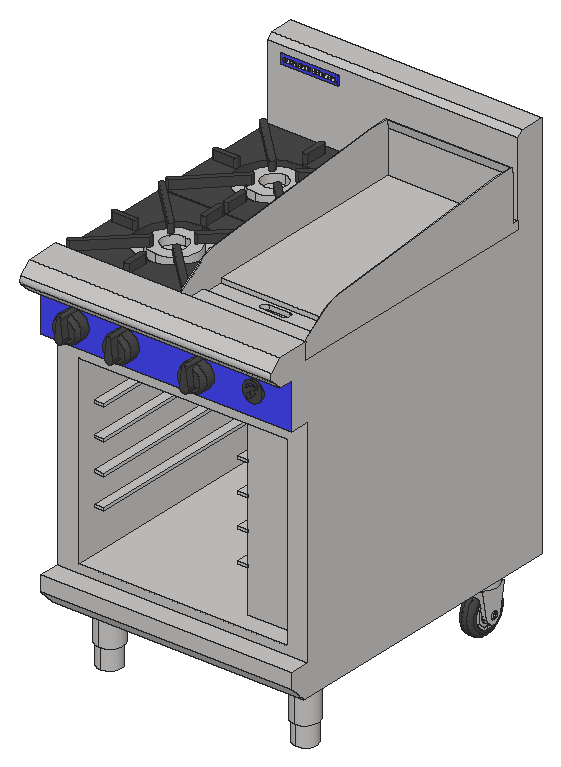
Revit family "QF_MOFFAT_BLUESEAL_CE_G514C-CB", category Specialty Equipment, Revit 2012 (continued)
Definition of nested family "GAS BURNER & GRIDDLE 300"
  Forms (mm)
    Extrusion 3, solid, material "QF_Finishes_Stainless Steel"
      sketch origin (0, -15.098, 0) x (0, -1, 0) y (1, 0, 0)
        loop
          circle (151.402, 150) r 57
        loop
          circle (451.402, 150) r 57
        loop
          circle (151.402, 150) r 30
        loop
          circle (451.402, 150) r 30
      from 0 to 20
  Lines and regions (mm)
    symbolic lines
      curve 1: line (284.847, -22.602, 0) -> (176.924, -130.525, 0)
      curve 2: spline (176.924, -130.525, 0) -> (176.163, -131.595, 0) -> (175.762, -132.899, 0) -> (175.749, -134.351, 0) -> (176.125, -135.85, 0) -> (176.863, -137.295, 0) -> (177.914, -138.586, 0) -> (179.205, -139.637, 0) -> (180.65, -140.375, 0) -> (182.149, -140.751, 0) -> (183.601, -140.738, 0) -> (184.905, -140.337, 0) -> (185.975, -139.576, 0)
      curve 3: line (185.975, -139.576, 0) -> (293.898, -31.653, 0)
      curve 4: spline (293.898, -31.653, 0) -> (294.659, -30.584, 0) -> (295.059, -29.279, 0) -> (295.072, -27.828, 0) -> (294.697, -26.329, 0) -> (293.959, -24.884, 0) -> (292.908, -23.592, 0) -> (291.616, -22.541, 0) -> (290.171, -21.803, 0) -> (288.672, -21.428, 0) -> (287.221, -21.441, 0) -> (285.916, -21.841, 0) -> (284.847, -22.602, 0)
      curve 5: line (291.102, -160.1, 0) -> (241.898, -160.1, 0)
      curve 6: spline (241.898, -160.1, 0) -> (240.604, -160.318, 0) -> (239.398, -160.957, 0) -> (238.362, -161.975, 0) -> (237.568, -163.3, 0) -> (237.068, -164.844, 0) -> (236.898, -166.5, 0) -> (237.068, -168.156, 0) -> (237.568, -169.7, 0) -> (238.362, -171.025, 0) -> (239.398, -172.043, 0) -> (240.604, -172.682, 0) -> (241.898, -172.9, 0)
      curve 7: line (241.898, -172.9, 0) -> (291.102, -172.9, 0)
      curve 8: arc (150, -223.5, 0) -> (168.725, -220.336, 0) -> (185.372, -211.197, 0) r 57
      curve 9: arc (150, -109.5, 0) -> (131.183, -112.696, 0) -> (114.475, -121.924, 0) r 57
      curve 10: arc (149.991, -84.418, 0) -> (178.523, -89.406, 0) -> (203.668, -103.781, 0) r 84.082
      curve 11: arc (149.991, -252.582, 0) -> (120.441, -247.219, 0) -> (94.661, -231.812, 0) r 84.082
      curve 12: line (156.4, -74.602, 0) -> (156.4, -25.398, 0)
      curve 13: spline (156.4, -25.398, 0) -> (156.182, -24.104, 0) -> (155.543, -22.898, 0) -> (154.525, -21.862, 0) -> (153.2, -21.068, 0) -> (151.656, -20.568, 0) -> (150, -20.398, 0) -> (148.344, -20.568, 0) -> (146.8, -21.068, 0) -> (145.475, -21.862, 0) -> (144.457, -22.898, 0) -> (143.818, -24.104, 0) -> (143.6, -25.398, 0)
      curve 14: line (143.6, -25.398, 0) -> (143.6, -74.602, 0)
      curve 15: spline (143.6, -74.602, 0) -> (143.818, -75.896, 0) -> (144.457, -77.102, 0) -> (145.475, -78.138, 0) -> (146.8, -78.932, 0) -> (148.344, -79.432, 0) -> (150, -79.602, 0) -> (151.656, -79.432, 0) -> (153.2, -78.932, 0) -> (154.525, -78.138, 0) -> (155.543, -77.102, 0) -> (156.182, -75.896, 0) -> (156.4, -74.602, 0)
      curve 16: line (296, 0, 0) -> (4, 0, 0)
      curve 17: arc (4, 0, 0) -> (1.879, -0.879, 0) -> (1, -3, 0) r 3
      curve 18: line (1, -3, 0) -> (1, -315.5, 0)
      curve 19: arc (1, -315.5, 0) -> (1.879, -317.621, 0) -> (4, -318.5, 0) r 3
      curve 20: line (4, -318.5, 0) -> (296, -318.5, 0)
      curve 21: line (296, -321.5, 0) -> (4, -321.5, 0)
      curve 22: arc (4, -321.5, 0) -> (1.879, -322.379, 0) -> (1, -324.5, 0) r 3
      curve 23: line (1, -324.5, 0) -> (1, -632, 0)
      curve 24: arc (1, -632, 0) -> (1.879, -634.121, 0) -> (4, -635, 0) r 3
      curve 25: line (4, -635, 0) -> (296, -635, 0)
      curve 26: line (293.898, -304.847, 0) -> (185.975, -193.424, 0)
      curve 27: spline (185.975, -193.424, 0) -> (184.905, -192.663, 0) -> (183.601, -192.262, 0) -> (182.149, -192.249, 0) -> (180.65, -192.625, 0) -> (179.205, -193.363, 0) -> (177.914, -194.414, 0) -> (176.863, -195.705, 0) -> (176.125, -197.15, 0) -> (175.749, -198.649, 0) -> (175.762, -200.101, 0) -> (176.163, -201.405, 0) -> (176.924, -202.475, 0)
      curve 28: line (176.924, -202.475, 0) -> (284.847, -313.898, 0)
      curve 29: spline (284.847, -313.898, 0) -> (285.916, -314.659, 0) -> (287.221, -315.059, 0) -> (288.672, -315.072, 0) -> (290.171, -314.697, 0) -> (291.616, -313.959, 0) -> (292.908, -312.908, 0) -> (293.959, -311.616, 0) -> (294.697, -310.171, 0) -> (295.072, -308.672, 0) -> (295.059, -307.221, 0) -> (294.659, -305.916, 0) -> (293.898, -304.847, 0)
      curve 30: line (15.153, -313.898, 0) -> (123.076, -202.475, 0)
      curve 31: spline (123.076, -202.475, 0) -> (123.837, -201.405, 0) -> (124.238, -200.101, 0) -> (124.251, -198.649, 0) -> (123.875, -197.15, 0) -> (123.137, -195.705, 0) -> (122.086, -194.414, 0) -> (120.795, -193.363, 0) -> (119.35, -192.625, 0) -> (117.851, -192.249, 0) -> (116.399, -192.262, 0) -> (115.095, -192.663, 0) -> (114.025, -193.424, 0)
      curve 32: line (114.025, -193.424, 0) -> (6.102, -304.847, 0)
      curve 33: spline (6.102, -304.847, 0) -> (5.341, -305.916, 0) -> (4.941, -307.221, 0) -> (4.928, -308.672, 0) -> (5.303, -310.171, 0) -> (6.041, -311.616, 0) -> (7.092, -312.908, 0) -> (8.384, -313.959, 0) -> (9.829, -314.697, 0) -> (11.328, -315.072, 0) -> (12.779, -315.059, 0) -> (14.084, -314.659, 0) -> (15.153, -313.898, 0)
      curve 34: line (8.898, -172.9, 0) -> (58.102, -172.9, 0)
      curve 35: spline (58.102, -172.9, 0) -> (59.396, -172.682, 0) -> (60.602, -172.043, 0) -> (61.638, -171.025, 0) -> (62.432, -169.7, 0) -> (62.932, -168.156, 0) -> (63.102, -166.5, 0) -> (62.932, -164.844, 0) -> (62.432, -163.3, 0) -> (61.638, -161.975, 0) -> (60.602, -160.957, 0) -> (59.396, -160.318, 0) -> (58.102, -160.1, 0)
      curve 36: line (58.102, -160.1, 0) -> (8.898, -160.1, 0)
      curve 37: spline (8.898, -160.1, 0) -> (7.604, -160.318, 0) -> (6.398, -160.957, 0) -> (5.362, -161.975, 0) -> (4.568, -163.3, 0) -> (4.068, -164.844, 0) -> (3.898, -166.5, 0) -> (4.068, -168.156, 0) -> (4.568, -169.7, 0) -> (5.362, -171.025, 0) -> (6.398, -172.043, 0) -> (7.604, -172.682, 0) -> (8.898, -172.9, 0)
      curve 38: line (6.102, -31.653, 0) -> (114.025, -139.576, 0)
      curve 39: spline (114.025, -139.576, 0) -> (115.095, -140.337, 0) -> (116.399, -140.738, 0) -> (117.851, -140.751, 0) -> (119.35, -140.375, 0) -> (120.795, -139.637, 0) -> (122.086, -138.586, 0) -> (123.137, -137.295, 0) -> (123.875, -135.85, 0) -> (124.251, -134.351, 0) -> (124.238, -132.899, 0) -> (123.837, -131.595, 0) -> (123.076, -130.525, 0)
      curve 40: line (123.076, -130.525, 0) -> (15.153, -22.602, 0)
      curve 41: spline (15.153, -22.602, 0) -> (13.924, -21.681, 0) -> (12.47, -21.131, 0) -> (10.89, -20.99, 0) -> (9.292, -21.267, 0) -> (7.786, -21.943, 0) -> (6.473, -22.973, 0) -> (5.443, -24.286, 0) -> (4.767, -25.792, 0) -> (4.49, -27.39, 0) -> (4.631, -28.97, 0) -> (5.181, -30.424, 0) -> (6.102, -31.653, 0)
      curve 42: arc (150, -136.5, 0) -> (180, -166.5, 0) -> (150, -196.5, 0) r 30
      curve 43: arc (150, -196.5, 0) -> (120, -166.5, 0) -> (150, -136.5, 0) r 30
      curve 44: line (156.4, -311.102, 0) -> (156.4, -261.898, 0)
      curve 45: spline (156.4, -261.898, 0) -> (156.182, -260.604, 0) -> (155.543, -259.398, 0) -> (154.525, -258.362, 0) -> (153.2, -257.568, 0) -> (151.656, -257.068, 0) -> (150, -256.898, 0) -> (148.344, -257.068, 0) -> (146.8, -257.568, 0) -> (145.475, -258.362, 0) -> (144.457, -259.398, 0) -> (143.818, -260.604, 0) -> (143.6, -261.898, 0)
      curve 46: line (143.6, -261.898, 0) -> (143.6, -311.102, 0)
      curve 47: spline (143.6, -311.102, 0) -> (143.818, -312.396, 0) -> (144.457, -313.602, 0) -> (145.475, -314.638, 0) -> (146.8, -315.432, 0) -> (148.344, -315.932, 0) -> (150, -316.102, 0) -> (151.656, -315.932, 0) -> (153.2, -315.432, 0) -> (154.525, -314.638, 0) -> (155.543, -313.602, 0) -> (156.182, -312.396, 0) -> (156.4, -311.102, 0)
      curve 48: line (156.4, -378.102, 0) -> (156.4, -328.898, 0)
      curve 49: spline (156.4, -328.898, 0) -> (156.182, -327.604, 0) -> (155.543, -326.398, 0) -> (154.525, -325.362, 0) -> (153.2, -324.568, 0) -> (151.656, -324.068, 0) -> (150, -323.898, 0) -> (148.344, -324.068, 0) -> (146.8, -324.568, 0) -> (145.475, -325.362, 0) -> (144.457, -326.398, 0) -> (143.818, -327.604, 0) -> (143.6, -328.898, 0)
      curve 50: line (143.6, -328.898, 0) -> (143.6, -378.102, 0)
      curve 51: spline (143.6, -378.102, 0) -> (143.818, -379.396, 0) -> (144.457, -380.602, 0) -> (145.475, -381.638, 0) -> (146.8, -382.432, 0) -> (148.344, -382.932, 0) -> (150, -383.102, 0) -> (151.656, -382.932, 0) -> (153.2, -382.432, 0) -> (154.525, -381.638, 0) -> (155.543, -380.602, 0) -> (156.182, -379.396, 0) -> (156.4, -378.102, 0)
      curve 52: line (284.847, -326.102, 0) -> (176.924, -434.025, 0)
      curve 53: spline (176.924, -434.025, 0) -> (176.163, -435.095, 0) -> (175.762, -436.399, 0) -> (175.749, -437.851, 0) -> (176.125, -439.35, 0) -> (176.863, -440.795, 0) -> (177.914, -442.086, 0) -> (179.205, -443.137, 0) -> (180.65, -443.875, 0) -> (182.149, -444.251, 0) -> (183.601, -444.238, 0) -> (184.905, -443.837, 0) -> (185.975, -443.076, 0)
      curve 54: line (185.975, -443.076, 0) -> (293.898, -335.153, 0)
      curve 55: spline (293.898, -335.153, 0) -> (294.659, -334.084, 0) -> (295.059, -332.779, 0) -> (295.072, -331.328, 0) -> (294.697, -329.829, 0) -> (293.959, -328.384, 0) -> (292.908, -327.092, 0) -> (291.616, -326.041, 0) -> (290.171, -325.303, 0) -> (288.672, -324.928, 0) -> (287.221, -324.941, 0) -> (285.916, -325.341, 0) -> (284.847, -326.102, 0)
      curve 56: line (123.076, -434.025, 0) -> (15.153, -326.102, 0)
      curve 57: spline (15.153, -326.102, 0) -> (13.924, -325.181, 0) -> (12.47, -324.631, 0) -> (10.89, -324.49, 0) -> (9.292, -324.767, 0) -> (7.786, -325.443, 0) -> (6.473, -326.473, 0) -> (5.443, -327.786, 0) -> (4.767, -329.292, 0) -> (4.49, -330.89, 0) -> (4.631, -332.47, 0) -> (5.181, -333.924, 0) -> (6.102, -335.153, 0)
      curve 58: line (6.102, -335.153, 0) -> (114.025, -443.076, 0)
      curve 59: spline (114.025, -443.076, 0) -> (115.095, -443.837, 0) -> (116.399, -444.238, 0) -> (117.851, -444.251, 0) -> (119.35, -443.875, 0) -> (120.795, -443.137, 0) -> (122.086, -442.086, 0) -> (123.137, -440.795, 0) -> (123.875, -439.35, 0) -> (124.251, -437.851, 0) -> (124.238, -436.399, 0) -> (123.837, -435.095, 0) -> (123.076, -434.025, 0)
      curve 60: line (58.102, -463.6, 0) -> (8.898, -463.6, 0)
      curve 61: spline (8.898, -463.6, 0) -> (7.604, -463.818, 0) -> (6.398, -464.457, 0) -> (5.362, -465.475, 0) -> (4.568, -466.8, 0) -> (4.068, -468.344, 0) -> (3.898, -470, 0) -> (4.068, -471.656, 0) -> (4.568, -473.2, 0) -> (5.362, -474.525, 0) -> (6.398, -475.543, 0) -> (7.604, -476.182, 0) -> (8.898, -476.4, 0)
      curve 62: line (8.898, -476.4, 0) -> (58.102, -476.4, 0)
      curve 63: spline (58.102, -476.4, 0) -> (59.396, -476.182, 0) -> (60.602, -475.543, 0) -> (61.638, -474.525, 0) -> (62.432, -473.2, 0) -> (62.932, -471.656, 0) -> (63.102, -470, 0) -> (62.932, -468.344, 0) -> (62.432, -466.8, 0) -> (61.638, -465.475, 0) -> (60.602, -464.457, 0) -> (59.396, -463.818, 0) -> (58.102, -463.6, 0)
      curve 64: line (114.025, -496.924, 0) -> (6.102, -603.347, 0)
      curve 65: spline (6.102, -603.347, 0) -> (5.341, -604.416, 0) -> (4.941, -605.721, 0) -> (4.928, -607.172, 0) -> (5.303, -608.671, 0) -> (6.041, -610.116, 0) -> (7.092, -611.408, 0) -> (8.384, -612.459, 0) -> (9.829, -613.197, 0) -> (11.328, -613.572, 0) -> (12.779, -613.559, 0) -> (14.084, -613.159, 0) -> (15.153, -612.398, 0)
      curve 66: line (15.153, -612.398, 0) -> (123.076, -505.975, 0)
      curve 67: spline (123.076, -505.975, 0) -> (123.837, -504.905, 0) -> (124.238, -503.601, 0) -> (124.251, -502.149, 0) -> (123.875, -500.65, 0) -> (123.137, -499.205, 0) -> (122.086, -497.914, 0) -> (120.795, -496.863, 0) -> (119.35, -496.125, 0) -> (117.851, -495.749, 0) -> (116.399, -495.762, 0) -> (115.095, -496.163, 0) -> (114.025, -496.924, 0)
      curve 68: line (156.4, -609.602, 0) -> (156.4, -561.898, 0)
      curve 69: spline (156.4, -561.898, 0) -> (156.182, -560.604, 0) -> (155.543, -559.398, 0) -> (154.525, -558.362, 0) -> (153.2, -557.568, 0) -> (151.656, -557.068, 0) -> (150, -556.898, 0) -> (148.344, -557.068, 0) -> (146.8, -557.568, 0) -> (145.475, -558.362, 0) -> (144.457, -559.398, 0) -> (143.818, -560.604, 0) -> (143.6, -561.898, 0)
      curve 70: line (143.6, -561.898, 0) -> (143.6, -609.602, 0)
      curve 71: spline (143.6, -609.602, 0) -> (143.818, -610.896, 0) -> (144.457, -612.102, 0) -> (145.475, -613.138, 0) -> (146.8, -613.932, 0) -> (148.344, -614.432, 0) -> (150, -614.602, 0) -> (151.656, -614.432, 0) -> (153.2, -613.932, 0) -> (154.525, -613.138, 0) -> (155.543, -612.102, 0) -> (156.182, -610.896, 0) -> (156.4, -609.602, 0)
      curve 72: line (176.924, -505.975, 0) -> (284.847, -612.398, 0)
      curve 73: spline (284.847, -612.398, 0) -> (285.916, -613.159, 0) -> (287.221, -613.559, 0) -> (288.672, -613.572, 0) -> (290.171, -613.197, 0) -> (291.616, -612.459, 0) -> (292.908, -611.408, 0) -> (293.959, -610.116, 0) -> (294.697, -608.671, 0) -> (295.072, -607.172, 0) -> (295.059, -605.721, 0) -> (294.659, -604.416, 0) -> (293.898, -603.347, 0)
      curve 74: line (293.898, -603.347, 0) -> (185.975, -496.924, 0)
      curve 75: spline (185.975, -496.924, 0) -> (184.905, -496.163, 0) -> (183.601, -495.762, 0) -> (182.149, -495.749, 0) -> (180.65, -496.125, 0) -> (179.205, -496.863, 0) -> (177.914, -497.914, 0) -> (176.863, -499.205, 0) -> (176.125, -500.65, 0) -> (175.749, -502.149, 0) -> (175.762, -503.601, 0) -> (176.163, -504.905, 0) -> (176.924, -505.975, 0)
      curve 76: arc (149.991, -384.418, 0) -> (179.687, -389.836, 0) -> (205.556, -405.393, 0) r 84.082
      curve 77: arc (149.991, -552.582, 0) -> (121.173, -547.489, 0) -> (95.845, -532.827, 0) r 84.082
      curve 78: arc (150, -523.5, 0) -> (167.666, -520.693, 0) -> (183.592, -512.55, 0) r 57
      curve 79: arc (150, -409.5, 0) -> (130.014, -413.119, 0) -> (112.566, -423.515, 0) r 57
      curve 80: arc (150, -436.5, 0) -> (180, -466.5, 0) -> (150, -496.5, 0) r 30
      curve 81: arc (150, -496.5, 0) -> (120, -466.5, 0) -> (150, -436.5, 0) r 30
      curve 82: line (291.102, -463.6, 0) -> (241.898, -463.6, 0)
      curve 83: spline (241.898, -463.6, 0) -> (240.604, -463.818, 0) -> (239.398, -464.457, 0) -> (238.362, -465.475, 0) -> (237.568, -466.8, 0) -> (237.068, -468.344, 0) -> (236.898, -470, 0) -> (237.068, -471.656, 0) -> (237.568, -473.2, 0) -> (238.362, -474.525, 0) -> (239.398, -475.543, 0) -> (240.604, -476.182, 0) -> (241.898, -476.4, 0)
      curve 84: line (241.898, -476.4, 0) -> (291.102, -476.4, 0)
      curve 85: arc (96.324, -103.773, 0) -> (121.466, -89.404, 0) -> (149.991, -84.418, 0) r 84.082
      curve 86: arc (212.871, -112.68, 0) -> (234.066, -167.408, 0) -> (214.3, -222.668, 0) r 84.082
      curve 87: arc (194.454, -202.178, 0) -> (207, -166.598, 0) -> (194.576, -130.975, 0) r 57
      curve 88: arc (114.628, -211.197, 0) -> (131.275, -220.336, 0) -> (150, -223.5, 0) r 57
      curve 89: arc (105.424, -130.975, 0) -> (93, -166.598, 0) -> (105.546, -202.178, 0) r 57
      curve 90: arc (187.434, -423.515, 0) -> (169.986, -413.119, 0) -> (150, -409.5, 0) r 57
      curve 91: arc (103.911, -432.962, 0) -> (93.053, -468.956, 0) -> (106.969, -503.881, 0) r 57
      curve 92: arc (109.732, -506.842, 0) -> (110.614, -507.704, 0) -> (111.516, -508.547, 0) r 57
      curve 93: arc (193.031, -503.881, 0) -> (206.947, -468.956, 0) -> (196.089, -432.962, 0) r 57
      curve 94: arc (214.491, -414.56, 0) -> (234.068, -469.429, 0) -> (213.283, -523.853, 0) r 84.082
      curve 95: arc (94.436, -405.385, 0) -> (120.301, -389.834, 0) -> (149.991, -384.418, 0) r 84.082
      curve 96: arc (86.707, -523.862, 0) -> (65.914, -469.429, 0) -> (85.499, -414.55, 0) r 84.082
      curve 97: arc (116.408, -512.55, 0) -> (132.334, -520.693, 0) -> (150, -523.5, 0) r 57
      curve 98: arc (204.147, -532.819, 0) -> (178.816, -547.487, 0) -> (149.991, -552.582, 0) r 84.082
      curve 99: arc (185.525, -121.924, 0) -> (168.817, -112.696, 0) -> (150, -109.5, 0) r 57
      curve 100: arc (205.331, -231.803, 0) -> (179.547, -247.216, 0) -> (149.991, -252.582, 0) r 84.082
      curve 101: arc (85.69, -222.678, 0) -> (65.916, -167.408, 0) -> (87.119, -112.67, 0) r 84.082
      curve 102: line (299, -315.5, 0) -> (299, -3, 0)
      curve 103: arc (299, -3, 0) -> (298.121, -0.879, 0) -> (296, 0, 0) r 3
      curve 104: spline (291.102, -172.9, 0) -> (292.396, -172.682, 0) -> (293.602, -172.043, 0) -> (294.638, -171.025, 0) -> (295.432, -169.7, 0) -> (295.932, -168.156, 0) -> (296.102, -166.5, 0) -> (295.932, -164.844, 0) -> (295.432, -163.3, 0) -> (294.638, -161.975, 0) -> (293.602, -160.957, 0) -> (292.396, -160.318, 0) -> (291.102, -160.1, 0)
      curve 105: spline (291.102, -476.4, 0) -> (292.396, -476.182, 0) -> (293.602, -475.543, 0) -> (294.638, -474.525, 0) -> (295.432, -473.2, 0) -> (295.932, -471.656, 0) -> (296.102, -470, 0) -> (295.932, -468.344, 0) -> (295.432, -466.8, 0) -> (294.638, -465.475, 0) -> (293.602, -464.457, 0) -> (292.396, -463.818, 0) -> (291.102, -463.6, 0)
      curve 106: arc (296, -635, 0) -> (298.121, -634.121, 0) -> (299, -632, 0) r 3
      curve 107: line (299, -632, 0) -> (299, -324.5, 0)
      curve 108: arc (299, -324.5, 0) -> (298.121, -322.379, 0) -> (296, -321.5, 0) r 3
      curve 109: arc (296, -318.5, 0) -> (298.121, -317.621, 0) -> (299, -315.5, 0) r 3
  Dimensions and locks
    equal spacing: plane 3 "LEFT", plane 7 "Center Y", plane 4 "RIGHT"
    "Width": plane 3 "LEFT" to plane 4 "RIGHT"
    equal spacing: plane 5 "FRONT", plane 8 "Center X", plane 1 "BACK"
    "Depth": plane 5 "FRONT" to plane 1 "BACK"
    aligned and locked: level to plane 2
  Automatic sketch dimensions
    plane 3 "LEFT" to Extrusion 1 sketch curve = 4.00 mm  (x2)
    plane 1 "BACK" to Extrusion 1 sketch curve = 0.00 mm
    plane 3 "LEFT" to Extrusion 1 sketch curve = 1.00 mm  (x2)
    Extrusion 1 sketch curve to Extrusion 1 sketch curve = 3.00 mm  (x5)
    plane 8 "Center X" to Extrusion 1 sketch curve = 149.00 mm
    Extrusion 1 sketch curve to plane 7 "Center Y" = 1.00 mm  (x2)
    plane 8 "Center X" to Extrusion 1 sketch curve = 2.00 mm  (x2)
    Extrusion 1 sketch curve to plane 5 "FRONT" = 166.50 mm
    Extrusion 1 sketch curve to plane 5 "FRONT" = 3.00 mm  (x2)
    plane 3 "LEFT" to Extrusion 1 sketch curve = 149.991 mm  (x2)
    Extrusion 2 sketch curve to Extrusion 1 = 22.602 mm  (x2)
    Extrusion 2 sketch curve to Extrusion 1 = 25.398 mm  (x2)
    Extrusion 2 sketch curve to Extrusion 2 sketch curve = 4.525 mm  (x16)
    Extrusion 2 sketch curve to Extrusion 2 sketch curve = 49.204 mm  (x5)
    Extrusion 2 sketch curve to Extrusion 2 sketch curve = 55.923 mm  (x5)
    Extrusion 2 sketch curve to Extrusion 2 sketch curve = 0.00 mm  (x5)
    Extrusion 2 sketch curve to Extrusion 2 sketch curve = 20.524 mm  (x8)
    Extrusion 2 sketch curve to Extrusion 2 sketch curve = 6.40 mm  (x8)
    Extrusion 2 sketch curve to Extrusion 2 sketch curve = 53.847 mm  (x8)
    Extrusion 2 sketch curve to Extrusion 1 = 56.602 mm
    Extrusion 2 sketch curve to Extrusion 1 = 5.102 mm  (x6)
    Extrusion 2 sketch curve to Extrusion 1 = 13.653 mm  (x2)
    Extrusion 2 sketch curve to Extrusion 1 = 7.398 mm  (x2)
    Extrusion 2 sketch curve to Extrusion 1 = 4.602 mm  (x2)
    Extrusion 2 sketch curve to Extrusion 1 = 7.898 mm  (x4)
    Extrusion 2 sketch curve to Extrusion 1 = 31.653 mm  (x2)
    Extrusion 2 sketch curve to Extrusion 1 = 57.102 mm
    Extrusion 2 sketch curve to Extrusion 1 = 14.153 mm
    Extrusion 3 sketch curve to Extrusion 3 sketch curve = 0.00 mm  (x24)
    plane 8 "Center X" to Extrusion 3 sketch curve = 208.00 mm
    Extrusion 3 sketch curve to Extrusion 3 sketch curve = 27.00 mm  (x2)
    Extrusion 3 sketch curve to Extrusion 3 sketch curve = 30.00 mm  (x2)
    Extrusion 3 sketch curve to plane 5 "FRONT" = 225.50 mm
    plane 3 "LEFT" to Extrusion 3 sketch curve = 150.00 mm  (x2)
    curve 8 to curve 9 = 0.00 mm
    curve 8 to curve 42 = 0.00 mm  (x2)
    curve 8 to curve 87 = 0.00 mm  (x2)
    curve 8 to curve 88 = 0.00 mm
    curve 8 to curve 89 = 0.00 mm
    curve 8 to curve 99 = 0.00 mm  (x2)
    curve 9 to curve 89 = 0.00 mm
    curve 10 to curve 11 = 0.00 mm  (x2)
    curve 10 to curve 85 = 0.00 mm
    curve 10 to curve 86 = 0.00 mm  (x2)
    curve 10 to curve 100 = 0.00 mm
    curve 76 to curve 77 = 0.00 mm
    curve 76 to curve 94 = 0.00 mm
    curve 78 to curve 79 = 0.00 mm
    curve 78 to curve 80 = 0.00 mm  (x2)
    curve 78 to curve 90 = 0.00 mm  (x2)
    curve 78 to curve 91 = 0.00 mm
    curve 78 to curve 92 = 0.00 mm
    curve 78 to curve 93 = 0.00 mm  (x2)
    curve 79 to curve 91 = 0.00 mm
    curve 92 to curve 97 = 0.00 mm
    curve 93 to curve 97 = 0.00 mm
    curve 94 to curve 98 = 0.00 mm  (x2)
    curve 95 to curve 98 = 0.00 mm  (x2)
    curve 96 to curve 98 = 0.00 mm  (x2)
    curve 100 to curve 101 = 0.00 mm  (x2)
    plane 5 "FRONT" to curve 24 = 0.00 mm
    plane 1 "BACK" to curve 17 = 0.00 mm
    plane 3 "LEFT" to curve 17 = 1.00 mm
    plane 3 "LEFT" to curve 24 = 1.00 mm
    curve 22 to curve 22 = 3.00 mm
    curve 19 to plane 8 "Center X" = 1.00 mm
    curve 19 to curve 22 = 0.00 mm
    plane 3 "LEFT" to curve 24 = 4.00 mm
    plane 3 "LEFT" to curve 17 = 4.00 mm
    plane 3 "LEFT" to curve 58 = 6.102 mm
    plane 3 "LEFT" to curve 33 = 6.102 mm
    plane 3 "LEFT" to curve 65 = 6.102 mm
    plane 3 "LEFT" to curve 38 = 6.102 mm
    plane 3 "LEFT" to curve 61 = 8.898 mm
    plane 3 "LEFT" to curve 37 = 8.898 mm
    curve 33 to curve 33 = 4.525 mm
    curve 64 to curve 65 = 4.525 mm
    curve 57 to curve 57 = 4.525 mm
    curve 38 to curve 41 = 4.525 mm
    curve 36 to curve 35 = 49.204 mm
    curve 62 to curve 63 = 49.204 mm
    curve 60 to curve 96 = 27.397 mm
    curve 35 to curve 101 = 27.588 mm
    curve 62 to curve 96 = 28.605 mm
    curve 36 to curve 101 = 29.017 mm
    curve 96 to curve 95 = 8.937 mm
    curve 101 to curve 11 = 8.97 mm
    curve 96 to curve 77 = 9.138 mm
    curve 101 to curve 85 = 9.204 mm
    curve 96 to curve 91 = 18.412 mm
    curve 101 to curve 89 = 18.305 mm
    curve 101 to curve 89 = 19.856 mm
    curve 96 to curve 91 = 20.262 mm
    curve 91 to curve 92 = 2.762 mm
    curve 92 to curve 92 = 1.784 mm
    curve 91 to curve 79 = 8.655 mm
    curve 91 to curve 67 = 7.056 mm
    curve 89 to curve 39 = 8.601 mm
    curve 89 to curve 32 = 8.479 mm
    curve 91 to curve 59 = 10.114 mm
    curve 89 to curve 9 = 9.051 mm
    curve 89 to curve 88 = 9.081 mm
    curve 92 to curve 97 = 4.893 mm
    curve 58 to curve 59 = 4.525 mm
    curve 31 to curve 31 = 4.525 mm
    curve 67 to curve 67 = 4.525 mm
    curve 38 to curve 39 = 4.525 mm
    plane 8 "Center X" to curve 47 = 6.398 mm
    curve 11 to curve 47 = 48.939 mm
    curve 79 to curve 51 = 31.034 mm
    curve 71 to plane 5 "FRONT" = 25.398 mm
    curve 77 to curve 71 = 47.755 mm
    curve 85 to curve 15 = 47.276 mm
    curve 59 to curve 77 = 31.44 mm
    curve 15 to curve 10 = 6.391 mm
    curve 76 to curve 97 = 0.009 mm
    curve 76 to curve 51 = 0.009 mm
    curve 46 to curve 47 = 6.40 mm
    curve 10 to curve 8 = 0.009 mm
    curve 70 to curve 71 = 6.40 mm
    curve 15 to curve 15 = 6.40 mm
    curve 80 to curve 53 = 26.924 mm
    curve 43 to curve 28 = 26.924 mm
    curve 43 to curve 2 = 26.924 mm
    curve 80 to curve 75 = 26.924 mm
    curve 1 to curve 2 = 4.525 mm
    curve 28 to curve 27 = 4.525 mm
    curve 75 to curve 75 = 4.525 mm
    curve 53 to curve 53 = 4.525 mm
    curve 75 to curve 78 = 6.668 mm
    curve 28 to curve 8 = 8.448 mm
    curve 2 to curve 99 = 8.601 mm
    curve 53 to curve 90 = 10.51 mm
    curve 75 to curve 93 = 7.056 mm
    curve 26 to curve 87 = 8.479 mm
    curve 2 to curve 87 = 8.601 mm  (x2)
    curve 90 to curve 93 = 8.655 mm
    curve 99 to curve 10 = 18.144 mm
    curve 78 to curve 98 = 20.555 mm
    curve 8 to curve 100 = 19.959 mm
    curve 90 to curve 76 = 18.122 mm
    curve 10 to curve 86 = 9.203 mm
    curve 98 to curve 94 = 9.136 mm
    curve 100 to curve 86 = 8.969 mm
    curve 76 to curve 94 = 8.936 mm
    curve 94 to curve 84 = 28.615 mm
    curve 6 to plane 7 "Center Y" = 58.102 mm
    plane 8 "Center X" to curve 29 = 3.602 mm
    curve 29 to plane 7 "Center Y" = 15.153 mm
    curve 52 to curve 28 = 0.00 mm
    curve 4 to plane 7 "Center Y" = 15.153 mm
    curve 72 to plane 7 "Center Y" = 15.153 mm
    curve 4 to curve 4 = 4.525 mm
    curve 55 to curve 55 = 4.525 mm
    curve 29 to curve 29 = 4.525 mm
    curve 72 to curve 73 = 4.525 mm
    curve 104 to plane 7 "Center Y" = 8.898 mm
    curve 82 to plane 7 "Center Y" = 8.898 mm
    curve 103 to plane 7 "Center Y" = 4.00 mm
    curve 106 to plane 7 "Center Y" = 4.00 mm
    curve 20 to curve 21 = 0.00 mm
    curve 102 to plane 7 "Center Y" = 1.00 mm
    curve 106 to plane 7 "Center Y" = 1.00 mm
    curve 24 to curve 66 = 19.602 mm
    curve 106 to curve 72 = 19.602 mm
    curve 71 to curve 69 = 47.704 mm
    curve 69 to curve 77 = 9.316 mm
    curve 70 to curve 77 = 29.07 mm
    curve 77 to curve 96 = 8.965 mm
    curve 98 to curve 94 = 8.967 mm
    curve 77 to curve 78 = 29.082 mm
    curve 98 to curve 78 = 20.269 mm
    curve 97 to curve 92 = 4.003 mm
    curve 97 to curve 67 = 6.575 mm
    curve 78 to curve 72 = 6.575 mm
    curve 92 to curve 91 = 2.96 mm
    curve 93 to curve 75 = 6.958 mm
    curve 97 to curve 81 = 27.00 mm
    curve 96 to curve 63 = 47.462 mm
    curve 94 to curve 84 = 47.453 mm
    curve 62 to curve 63 = 6.40 mm
    curve 83 to curve 83 = 6.40 mm
    curve 53 to curve 93 = 10.114 mm
    curve 58 to curve 91 = 10.114 mm
    curve 93 to curve 90 = 9.447 mm
    curve 94 to curve 76 = 9.166 mm
    curve 76 to curve 51 = 6.316 mm
    curve 55 to curve 20 = 16.653 mm
    curve 58 to curve 20 = 16.653 mm
    curve 49 to plane 8 "Center X" = 11.398 mm
    curve 22 to curve 19 = 6.00 mm
    plane 8 "Center X" to curve 102 = 2.00 mm
    plane 8 "Center X" to curve 33 = 3.602 mm
    curve 44 to curve 45 = 49.204 mm
    curve 45 to curve 11 = 9.316 mm
    curve 45 to curve 11 = 30.086 mm
    curve 100 to curve 8 = 29.082 mm
    curve 11 to curve 101 = 9.134 mm
    curve 100 to curve 86 = 9.135 mm
    curve 100 to curve 8 = 20.606 mm
    curve 8 to curve 27 = 8.722 mm
    curve 88 to curve 31 = 8.722 mm
    curve 89 to curve 32 = 8.754 mm
    curve 87 to curve 26 = 8.754 mm
    curve 8 to curve 42 = 27.00 mm
    curve 86 to curve 7 = 49.768 mm
    curve 101 to curve 34 = 49.778 mm
    curve 104 to curve 104 = 6.40 mm
    curve 34 to curve 35 = 6.40 mm
    curve 38 to curve 89 = 8.601 mm
    curve 39 to curve 9 = 8.601 mm
    curve 86 to curve 10 = 8.899 mm
    curve 10 to curve 15 = 9.816 mm
    curve 4 to curve 103 = 28.653 mm
    curve 38 to curve 17 = 28.653 mm
    plane 1 "BACK" to curve 13 = 25.398 mm
    radius of Extrusion 1 sketch curve = 84.082 mm  (x2)
  Nested families
    nested 1: "GAS GRIDDLE PLATE 300" at (300, -15, 0), type "GAS GRIDDLE PLATE 300"
      with Width 300.00 mm, Type Mark "", Status "", Specification by User "", Revision Code "", Item Number "", Installed By "", Identify Quantity as Lot yes, Furnished By "", Foodservice Equipment Identifier yes, Depth 620.00 mm
  Definition of nested family "GAS GRIDDLE PLATE 300"
    Parameters (values of type "GAS GRIDDLE PLATE 300")
      Width [instance] = 300.00 mm
      Weight in Pounds = 0
      URL Cutsheet = ""
      Type Mark [instance] = ""
      Status [instance] = ""
      Specification by User [instance] = ""
      Specification by Manufacturer = ""
      Serial Number = ""
      Seismic Rating = ""
      SMACNA No = ""
      Revision Code [instance] = ""
      Omniclass Number and Title = ""
      NAFEM Spec ID Number = ""
      Masterspec = ""
      Item Number [instance] = ""
      Installed By [instance] = ""
      Identify Quantity as Lot [instance] = yes
      Furnished By [instance] = ""
      Foodservice Equipment Identifier [instance] = yes
      Depth [instance] = 620.00 mm
      CSI MasterFormat = ""
      CSI Master Format = ""
    Reference planes
      plane 1 "BACK": y = 0
      plane 2: z = 0
      plane 3 "LEFT": x = 0
      plane 4 "RIGHT": x = 300
      plane 5 "FRONT": y = -620
      plane 6 "TOP": z = 142.5
      plane 7 "Center Y": x = 150
      plane 8 "Center X": y = -310
      plane 9: y = -530.997
      plane 10: y = -541.497
      plane 11: y = -503.25
      plane 12: y = -557.737
    Forms (mm)
      Extrusion 1, solid, material "QF_Finishes_Stainless Steel"
        sketch origin (0, 70.003, -874.5) x (0, 1, 0) y (0, 0, 1)
          loop
            line (-70, 875) -> (-70, 997.489) -> (-75.228, 1017) -> (-117.24, 1017) -> (-589.533, 971.523)
            arc (-589.533, 971.523) -> (-614.56, 965.803) -> (-637.306, 953.899) r 100
            line (-637.306, 953.899) -> (-690.003, 917) -> (-690.003, 875) -> (-70, 875)
        from 0 to 1.8
      Extrusion 2, solid, material "QF_Finishes_Stainless Steel"
        sketch origin (600, 70.003, -874.5) x (0, -1, 0) y (0, 0, 1)
          loop
            line (70, 875) -> (690.003, 875) -> (690.003, 917) -> (637.306, 953.899)
            arc (637.306, 953.899) -> (614.56, 965.803) -> (589.533, 971.523) r 100
            line (589.533, 971.523) -> (117.24, 1017) -> (75.228, 1017) -> (70, 997.489) -> (70, 875)
        from 300 to 301.2
      Extrusion 3, solid, material "QF_Finishes_Stainless Steel"
        sketch origin (150, 70.003, -874.5) x (0, 1, 0) y (0, 0, 1)
          loop
            line (-55, 895) -> (-573.253, 895) -> (-573.253, 884.5) -> (-627.74, 884.5) -> (-627.74, 895) -> (-690.003, 895) -> (-690.003, 875) -> (-55, 875) -> (-55, 895)
        from -148.2 to 150
      Extrusion 4, void
        sketch origin (150, -541.497, 10) x (0, -1, 0) y (1, 0, 0)
          loop
            arc (-7.497, 25) -> (-17.497, 35) -> (-27.497, 25) r 10
            line (-27.497, 25) -> (-27.497, -25)
            arc (-27.497, -25) -> (-17.497, -35) -> (-7.497, -25) r 10
            line (-7.497, -25) -> (-7.497, 25)
        from -41.4 to 40.142
      Extrusion 5, solid, material "QF_Finishes_Stainless Steel"
        sketch origin (0, 70.003, -874.5) x (0, 1, 0) y (0, 0, 1)
          loop
            line (-70, 875) -> (-70, 997.489) -> (-75.228, 1017) -> (-76.884, 1017) -> (-71.6, 997.278) -> (-71.6, 875) -> (-70, 875)
        from 0 to 298.8
    Cuts and joins
      Extrusion 4 cuts Extrusion 3
      joined: Extrusion 1, Extrusion 2, Extrusion 3, Extrusion 5
    Lines and regions (mm)
      symbolic lines
        curve 1: line (300, -503.25, 0) -> (0, -503.25, 0)
        curve 2: line (0, -557.737, 0) -> (300, -557.737, 0)
        curve 3: line (0, -1.68, 0) -> (300, -1.68, 0)
        curve 4: line (300, -1.68, 0) -> (300, -620, 0)
        curve 5: line (0, -620, 0) -> (0, -1.68, 0)
        curve 6: line (0, -620, 0) -> (300, -620, 0)
        curve 7: arc (175, -534, 0) -> (185, -524, 0) -> (175, -514, 0) r 10
        curve 8: line (175, -514, 0) -> (125, -514, 0)
        curve 9: arc (125, -514, 0) -> (115, -524, 0) -> (125, -534, 0) r 10
        curve 10: line (125, -534, 0) -> (175, -534, 0)
    Dimensions and locks
      equal spacing: plane 3 "LEFT", plane 7 "Center Y", plane 4 "RIGHT"
      "Width": plane 3 "LEFT" to plane 4 "RIGHT"
      equal spacing: plane 5 "FRONT", plane 8 "Center X", plane 1 "BACK"
      "Depth": plane 5 "FRONT" to plane 1 "BACK"
      locked: Extrusion 2 to Extrusion 2 at 1.2
      equal spacing: Extrusion 4 sketch curve, plane 7 "Center Y", Extrusion 4 sketch curve, locked at 35 each
      aligned and locked: level to plane 2
      aligned and locked: Extrusion 2 to plane 4 "RIGHT"
      aligned and locked: curve 1 to plane 11
      aligned and locked: plane 12 to curve 2
      aligned and locked: Extrusion 5 to cut or joined group of Extrusion 1, Extrusion 2, Extrusion 3, Extrusion 4, Extrusion 5
    Automatic sketch dimensions
      Extrusion 1 sketch curve to plane 5 "FRONT" = 0.00 mm
      Extrusion 1 sketch curve to plane 6 "TOP" = 0.00 mm
      plane 12 to Extrusion 1 sketch curve = 9.566 mm
      plane 11 to Extrusion 1 sketch curve = 16.28 mm
      Extrusion 1 sketch curve to level = 2.516 mm
      plane 11 to Extrusion 1 sketch curve = 6.695 mm
      plane 1 "BACK" to Extrusion 1 sketch curve = 47.237 mm
      plane 1 "BACK" to Extrusion 1 sketch curve = 5.225 mm
      Extrusion 1 sketch curve to plane 1 "BACK" = 0.003 mm
      level to Extrusion 1 sketch curve = 0.50 mm
      Extrusion 1 sketch curve to Extrusion 1 sketch curve = 42.00 mm
      Extrusion 1 sketch curve to plane 6 "TOP" = 63.101 mm
      Extrusion 1 sketch curve to plane 6 "TOP" = 19.511 mm
      Extrusion 2 sketch curve to plane 6 "TOP" = 0.00 mm
      Extrusion 2 sketch curve to plane 5 "FRONT" = 0.00 mm
      plane 12 to Extrusion 2 sketch curve = 9.566 mm
      plane 11 to Extrusion 2 sketch curve = 16.28 mm
      Extrusion 2 sketch curve to level = 2.516 mm
      plane 11 to Extrusion 2 sketch curve = 6.695 mm
      plane 1 "BACK" to Extrusion 2 sketch curve = 47.237 mm
      plane 1 "BACK" to Extrusion 2 sketch curve = 5.225 mm
      Extrusion 2 sketch curve to plane 1 "BACK" = 0.003 mm
      level to Extrusion 2 sketch curve = 0.50 mm
      Extrusion 2 sketch curve to Extrusion 2 sketch curve = 42.00 mm
      Extrusion 2 sketch curve to plane 6 "TOP" = 63.101 mm
      Extrusion 2 sketch curve to plane 6 "TOP" = 19.511 mm
      Extrusion 3 sketch curve to plane 5 "FRONT" = 0.00 mm
      Extrusion 3 sketch curve to plane 12 = 0.00 mm
      Extrusion 3 sketch curve to plane 11 = 0.00 mm
      Extrusion 3 sketch curve to plane 1 "BACK" = 15.003 mm
      level to Extrusion 3 sketch curve = 0.50 mm
      level to Extrusion 3 sketch curve = 10.00 mm
      Extrusion 3 sketch curve to Extrusion 3 sketch curve = 10.50 mm  (x2)
      plane 11 to Extrusion 4 sketch curve = 10.75 mm
      Extrusion 4 sketch curve to Extrusion 4 sketch curve = 10.00 mm
      Extrusion 4 sketch curve to plane 7 "Center Y" = 25.00 mm
      plane 1 "BACK" to Extrusion 5 sketch curve = 5.225 mm
      Extrusion 5 sketch curve to plane 1 "BACK" = 0.003 mm
      Extrusion 5 sketch curve to plane 6 "TOP" = 19.511 mm
      Extrusion 5 sketch curve to Extrusion 5 sketch curve = 1.60 mm
      Extrusion 5 sketch curve to Extrusion 5 sketch curve = 0.211 mm
      Extrusion 5 sketch curve to plane 6 "TOP" = 0.00 mm
      Extrusion 5 sketch curve to Extrusion 5 sketch curve = 1.656 mm
      level to Extrusion 5 sketch curve = 0.50 mm
      curve 6 to plane 3 "LEFT" = 0.00 mm
      curve 4 to plane 4 "RIGHT" = 0.00 mm
      plane 5 "FRONT" to curve 6 = 0.00 mm
      plane 11 to curve 8 = 10.75 mm
      curve 8 to plane 7 "Center Y" = 25.00 mm
      plane 7 "Center Y" to curve 7 = 25.00 mm
      curve 10 to curve 7 = 20.00 mm
      plane 1 "BACK" to curve 3 = 1.68 mm
